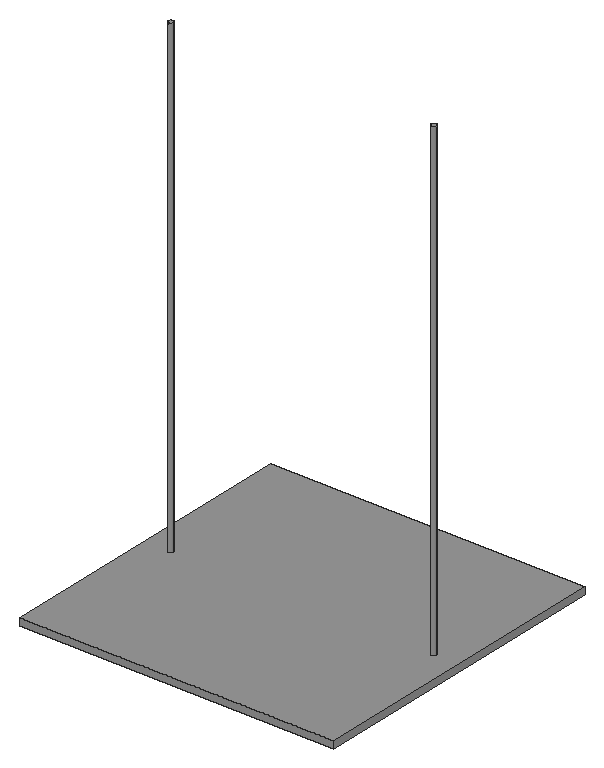
Revit family "63_UN_LEDPanel_LPS-P 60x60_Norton", category Lighting Fixtures, Revit 2019
Family settings
  Round Connector Dimension = Use Diameter
  Part Type = Normal
  OmniClass Number = 23.80.70.11.14.11
  OmniClass Title = Downlights
  Work Plane-Based = No
  Always vertical = Yes
  Cut with Voids When Loaded = No
  Light Source = Yes
  Shared = No
  Room Calculation Point = Yes
Parameters (values of type "LPS-P 83 5000LM 60x60")
  Wattage Comments = "48"
  Wattage = 3.36605 W
  built-in parameter 1150110 = 1 (stored number, unit not read)
  Voltage = 230 V
  URL = "https://www.ivlibrary.com/"
  Type Comments = "LPS-P"
  built-in parameter 1114217 = 1 (stored number, unit not read)
  Tilt Angle = 90.00°
  built-in parameter 1150109 = 1 (stored number, unit not read)
  built-in parameter 1150134 = 3
  Symbol_ToScale [instance] = not(Symbol_RealSize)  # no
  Symbol_RealSize [instance] = yes
  Switch Code [instance] = ""
  built-in parameter 1150113 = 1 (stored number, unit not read)
  Photometric Web File = "LPS-P 83 5000LM 60x60_LDT.ies"
  Model = "LPS"
  Manufacturer = "Norton"
  built-in parameter 1150105 = 39.789 (stored number, unit not read)
  Luminous Flux (lm) = 4980 lm
  Lumens = 4980 lm
  built-in parameter 1150115 = 1 (stored number, unit not read)
  Luminaire Code [instance] = ""
  built-in parameter 1150137 = (empty or 0)
  built-in parameter 1150139 = (empty or 0)
  built-in parameter 1150112 = 1 (stored number, unit not read)
  built-in parameter 1150114 = 1 (stored number, unit not read)
  Lamp = "LED"
  LED Panel = yes
  Suspension Length [instance] = 900 mm
  L4 = 500 mm
  L3 = 20 mm
  L2 = 596 mm
  L1 = 596 mm
  built-in parameter 1150132 = 2
  built-in parameter 1150102 = (empty or 0)
  built-in parameter 1150107 = 3200 (stored number, unit not read)
  built-in parameter 1150138 = (empty or 0)
  built-in parameter 1150106 = 0.39789 (stored number, unit not read)
  IfcExportType = "USERDEFINED"
  IfcExportAs = "IfcLightFixtureType"
  ISBN Code = "-"
  IP Value = "IP20"
  IK Value = "IK06"
  Housing_Material = Select RGB Value for different appearance
  H1 = 13.5 mm
  GTIN Code = "-"
  Emit from Rectangle Width = L2 - (L3 * 2)  # 556 mm
  Emit from Rectangle Length = L1 - (L3 * 2)  # 556 mm
  Emit Shape Visible in Rendering = no
  built-in parameter 1150104 = 13.8 (stored number, unit not read)
  ETIM Code = "-"
  Dimming Lamp Color Temperature Shift = <None>
  Description = ""
  Content Creator® = "www.ivlibrary.com"
  Color Filter = 16777215
  Calc_SuspensionLength [instance] = if(Suspension Length < Calc_MinSuspensionLength, Calc_MinSuspensionLength, if(Suspension Length > Calc_MaxSuspensionLength, Calc_MaxSuspensionLength, Suspension Length))  # 900 mm
  Calc_MinSuspensionLength [instance] = 100 mm
  Calc_MaxSuspensionLength [instance] = 10000 mm
  Calc_L2_Symbol = L2 / 100  # 5.96 mm
  Calc_L1_Symbol = L1 / 100  # 5.96 mm
  built-in parameter 1114218 = 1 (stored number, unit not read)
  built-in parameter 1150133 = 10 (stored number, unit not read)
  Assembly Code = "63.0"
  Apparent Load = 48 VA
Types (8, lengths in mm): name | Wattage Comments | Photometric Web File | Luminous Flux (lm) | Lumens | Apparent Load
  LPS-P 865 3500LM 60x60 | "34" | "LPS-P 865 3500LM 60x60_LDT.ies" | 3600 lm | 3600 lm | 34 VA
  LPS-P 84 3800LM 60X60 | "33" | "LPS-P 84 3800LM 60X60_LDT.ies" | 3800 lm | 3800 lm | 33 VA
  LPS-P 865 3900LM 60X60 | "33" | "LPS-P 865 3900LM 60X60_LDT.ies" | 3900 lm | 3900 lm | 33 VA
  LPS-P 84 5200LM 60x60 | "48" | "LPS-P 84 5200LM 60x60_LDT.ies" | 5200 lm | 5200 lm | 48 VA
  LPS-P 84 3400LM 60X60 | "29" | "LPS-P 84 3400LM 60X60_LDT.ies" | 3400 lm | 3400 lm | 29 VA
  LPS-P 83 3200LM 60X60 | "29" | "LPS-P 83 3200LM 60X60_LDT.ies" | 3200 lm | 3200 lm | 29 VA
  LPS-P 83 3600LM 60X60 | "33" | "LPS-P 83 3600LM 60X60_LDT.ies" | 3600 lm | 3600 lm | 33 VA
  LPS-P 83 5000LM 60x60 | "48" | "LPS-P 83 5000LM 60x60_LDT.ies" | 4980 lm | 4980 lm | 48 VA
Reference planes
  plane 1 "Center (Front/Back)": y = 0
  plane 2: z = 0
  plane 3 "Center (Left/Right)": x = 0
  plane 4: x = -278
  plane 5: x = 278
  plane 6: y = 278
  plane 7: y = -278
  plane 8: x = -298
  plane 9: x = 298
  plane 10: y = -298
  plane 11: y = 298
  plane 12: z = -900
  plane 13: z = -913.5
Forms (mm)
  Extrusion 1, solid, material "Select RGB Value for different appearance" <- "Housing_Material"
    sketch origin (0, 0, 0) x (1, 0, 0) y (0, 1, 0)
      loop
        circle (-250, 0) r 5
      loop
        circle (250, 0) r 5
    from 0 to -900
Lines and regions (mm)
  symbolic lines, visible <- "Symbol_RealSize"
    curve 1: line (-298, -298, 0) -> (298, -298, 0)
    curve 2: line (-298, 298, 0) -> (-298, -298, 0)
    curve 3: line (298, 298, 0) -> (-298, 298, 0)
    curve 4: line (298, -298, 0) -> (298, 298, 0)
Dimensions and locks
  equal spacing: plane 11, plane 1 "Center (Front/Back)", plane 10
  equal spacing: plane 8, plane 3 "Center (Left/Right)", plane 9
  "L1": plane 8 to plane 9
  "L2": plane 11 to plane 10
  "L3": plane 8 to plane 4
  "L3": plane 5 to plane 9
  "L3": plane 6 to plane 11
  "L3": plane 7 to plane 10
  "H1": plane 12 to plane 13
  "Calc_SuspensionLength": level to plane 12
  equal spacing: Extrusion 1 sketch curve, plane 3 "Center (Left/Right)", Extrusion 1 sketch curve
  "L4": Extrusion 1 sketch curve to Extrusion 1 sketch curve
  aligned and locked: level to plane 2
  aligned and locked: plane 12 to Extrusion 1
  aligned and locked: level to Extrusion 1
  aligned and locked: nested 2 to plane 12
  aligned and locked: imposter light to plane 13
Automatic sketch dimensions
  curve 3 to plane 8 = 0 mm
  curve 1 to plane 9 = 0 mm
  curve 2 to plane 10 = 0 mm
  plane 11 to curve 2 = 0 mm
  plane 1 "Center (Front/Back)" to Extrusion 1 sketch curve = 0 mm  (x2)
  radius of Extrusion 1 sketch curve = 5 mm  (x2)
Nested families
  nested 1: "Parametric LED Panel Symbol" at (0, 0, 0), L1 <- "Calc_L1_Symbol", L2 <- "Calc_L2_Symbol", visible <- "Symbol_ToScale", type "Parametric LED Panel Symbol"
    with L2 5.96 mm, L1 5.96 mm
  nested 2: "SU LED Panel Geometry" at (0, 0, -900), type "Type Catalog"
    with Symbol_ToScale no, Symbol_RealSize yes, Switch Code "", Luminaire Code "", L3 20 mm, L2 596 mm, L1 596 mm, H1 13.5 mm, Calc_L2_Symbol 5.96 mm, Calc_L1_Symbol 5.96 mm
Connectors
  electrical at (0, 0, 0), driven by "Voltage", driven by "Apparent Load"
    settings: index 1, voltage 230 V, apparent load 0 VA, apparent load phase1 48 VA, apparent load phase2 0 VA, apparent load phase3 0 VA, power factor 1, load classification "Lighting", number of poles 1, system type 31, power factor state 1, is connector primary yes, connector utility no, sub classification motor no, connector description ""
Definition of nested family "SU LED Panel Geometry"
  Parameters (values of type "Type Catalog")
    Wattage Comments = "19W"
    Voltage = 230 V
    URL = "https://www.ivlibrary.com/"
    Type Comments = "TYPENAME"
    Symbol_ToScale [instance] = not(Symbol_RealSize)  # no
    Symbol_RealSize [instance] = yes
    Switch Code [instance] = ""
    Model = "FAMILYNAME"
    Manufacturer = "MANUFACTURER"
    Luminous Flux (lm) = 500 lm
    Luminaire Code [instance] = ""
    Lamp = "LED"
    LED Panel = yes
    L3 = 7.5 mm
    L2 = 600 mm
    L1 = 600 mm
    IfcExportType = "USERDEFINED"
    IfcExportAs = "IfcLightFixtureType"
    ISBN Code = "ISBNCODE"
    IP Value = "IPVALUE"
    IK Value = "IKVALUE"
    Housing_Material = none
    H1 = 40 mm
    GTIN Code = "GTINCODE"
    ETIM Code = "ETIMCODE"
    Description = ""
    Content Creator® = "www.ivlibrary.com"
    Calc_L2_Symbol = L2 / 100  # 6 mm
    Calc_L1_Symbol = L1 / 100  # 6 mm
    Assembly Code = "63.0"
    Apparent Load = 19 VA
  Reference planes
    plane 1 "Center (Front/Back)": y = 0
    plane 2: z = 0
    plane 3 "Center (Left/Right)": x = 0
    plane 4: x = -292.5
    plane 5: x = 292.5
    plane 6: y = 292.5
    plane 7: y = -292.5
    plane 8: x = -300
    plane 9: x = 300
    plane 10: y = -300
    plane 11: y = 300
  Forms (mm)
    Extrusion 1, solid, material <- "Housing_Material"
      sketch origin (0, 0, -40) x (1, 0, 0) y (0, 1, 0)
        loop
          line (-292.5, 292.5) -> (-292.5, -292.5) -> (292.5, -292.5) -> (292.5, 292.5) -> (-292.5, 292.5)
      from 0.9 to 40
    Extrusion 2, solid, material <- "Housing_Material"
      sketch origin (0, 0, -40) x (1, 0, 0) y (0, 1, 0)
        loop
          line (-292.5, 292.5) -> (-292.5, -292.5) -> (292.5, -292.5) -> (292.5, 292.5) -> (-292.5, 292.5)
        loop
          line (-300, -300) -> (300, -300) -> (300, 300) -> (-300, 300) -> (-300, -300)
      from 40 to 0
    Extrusion 3, solid
      sketch origin (0, 0, -40) x (1, 0, 0) y (0, 1, 0)
        loop
          line (-292.5, 292.5) -> (-292.5, -292.5) -> (292.5, -292.5) -> (292.5, 292.5) -> (-292.5, 292.5)
      from 0.9 to 0
  Cuts and joins
    joined: Extrusion 1, Extrusion 2
  Lines and regions (mm)
    symbolic lines, visible <- "Symbol_RealSize"
      curve 1: line (-300, -300, 0) -> (300, -300, 0)
      curve 2: line (-300, 300, 0) -> (-300, -300, 0)
      curve 3: line (300, 300, 0) -> (-300, 300, 0)
      curve 4: line (300, -300, 0) -> (300, 300, 0)
  Dimensions and locks
    equal spacing: plane 11, plane 1 "Center (Front/Back)", plane 10
    equal spacing: plane 8, plane 3 "Center (Left/Right)", plane 9
    "L1": plane 8 to plane 9
    "L2": plane 11 to plane 10
    "L3": plane 8 to plane 4
    "L3": plane 5 to plane 9
    "L3": plane 6 to plane 11
    "L3": plane 7 to plane 10
    "H1": level to Extrusion 2
    locked: Extrusion 3 to cut or joined group of Extrusion 1, Extrusion 2 at 0.9
    aligned and locked: level to plane 2
    aligned and locked: level to Extrusion 1
    aligned and locked: level to Extrusion 2
    aligned and locked: cut or joined group of Extrusion 1, Extrusion 2 to Extrusion 3  (x2)
  Automatic sketch dimensions
    curve 3 to plane 8 = 0 mm
    curve 3 to plane 9 = 0 mm
    curve 1 to plane 10 = 0 mm
    plane 11 to curve 3 = 0 mm
    Extrusion 1 sketch curve to plane 4 = 0 mm
    Extrusion 1 sketch curve to plane 5 = 0 mm
    Extrusion 1 sketch curve to plane 7 = 0 mm
    Extrusion 1 sketch curve to plane 6 = 0 mm
    Extrusion 2 sketch curve to plane 8 = 0 mm
    Extrusion 2 sketch curve to plane 4 = 0 mm
    Extrusion 2 sketch curve to plane 5 = 0 mm
    Extrusion 2 sketch curve to plane 9 = 0 mm
    Extrusion 2 sketch curve to plane 10 = 0 mm
    Extrusion 2 sketch curve to plane 7 = 0 mm
    Extrusion 2 sketch curve to plane 6 = 0 mm
    plane 11 to Extrusion 2 sketch curve = 0 mm
    Extrusion 3 sketch curve to plane 4 = 0 mm
    Extrusion 3 sketch curve to plane 5 = 0 mm
    Extrusion 3 sketch curve to plane 7 = 0 mm
    Extrusion 3 sketch curve to plane 6 = 0 mm
  Connectors
    electrical at (0, 0, 0), driven by "Voltage", driven by "Apparent Load"
      settings: index 1, voltage 230 V, apparent load 0 VA, apparent load phase1 19 VA, apparent load phase2 0 VA, apparent load phase3 0 VA, power factor 1, load classification none, number of poles 1, system type 31, power factor state 1, is connector primary yes, connector utility no, sub classification motor no, connector description ""
Definition of nested family "Parametric LED Panel Symbol"
  Parameters (values of type "Parametric LED Panel Symbol")
    L2 [instance] = 4.484 mm
    L1 [instance] = 6.437 mm
  Reference planes
    plane 1: y = 0
    plane 2: x = 0
  Lines and regions (mm)
    detail lines
      curve 1: line (-3.219, 2.242, 0) -> (3.219, 2.242, 0)
      curve 2: line (-3.219, -2.242, 0) -> (-3.219, 2.242, 0)
      curve 3: line (3.219, -2.242, 0) -> (-3.219, -2.242, 0)
      curve 4: line (3.219, 2.242, 0) -> (3.219, -2.242, 0)
  Dimensions and locks
    equal spacing: curve 2, plane 2, curve 4
    equal spacing: curve 3, plane 1, curve 1
    "L1": curve 2 to curve 4
    "L2": curve 3 to curve 1
